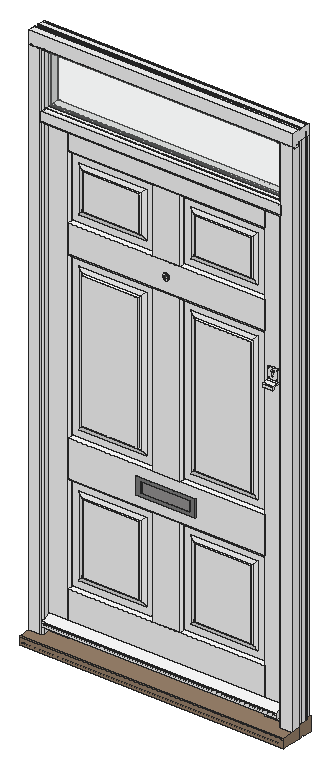
Revit family "ED33-F", category Doors, host Wall, Revit 2012
Parameters
  White = White
  Rough Width = 1128.242 mm
  LeverRequired = no
  Lever/HandleHeight = 1000.0 mm
  Lever/HandleFromLeafSide = 29.0 mm
  LetterBox1 = LetterBox 1
  LetterBox = LetterBox
  Glass = Glass
  Function = Interior
  Height = 2545.0 mm
  Wall Closure = By host
  Width = 1230.0 mm
Reference planes
  plane 1 "Center (Front/Back)": y = 0
  plane 2 "Center (Left/Right)": x = 0
  plane 3 "Left": x = -615
  plane 4 "Right": x = 615
  plane 5 "Top": z = 2545
  plane 6 "Exterior": y = 47
  plane 7 "Interior": y = -47
  plane 8: z = 249.6
  plane 9: z = 717.6
  plane 10: z = 483.6
  plane 11: z = 879.6
  plane 12: z = 1655.6
  plane 13: z = 1267.6
  plane 14: z = 1777.6
  plane 15: z = 2493
  plane 16: x = 459
  plane 17: x = -459
  plane 18: x = -275
  plane 19: x = 275
  plane 20: y = -14
  plane 21: z = 2172
  plane 22: z = 2087
  plane 23: z = 1932.3
  plane 24: x = -91
  plane 25: x = 91
  plane 26: x = -560
  plane 27: x = 560
  plane 28: z = 1500
  plane 29: x = -57.5
  plane 30: x = 57.5
Forms (mm)
  Sweep 1, solid, material "White" <- "White"
    path origin (0, 0, 0) x (1, 0, 0) y (0, 0, 1)
      loop
        line (-615, 0) -> (-615, 2545) -> (615, 2545) -> (615, 0)
    profile origin (-615, 0, 1272.5) x (-1, 0, 0) y (0, -1, 0)
      loop
        line (0, 10) -> (0, 47) -> (-55, 47) -> (-55, 44)
        arc (-55, 44) -> (-62.071, 41.071) -> (-65, 34) r 10
        line (-65, 34) -> (-68, 34) -> (-68, 18) -> (-48, 18) -> (-48, 14) -> (-56, 14) -> (-56, 4) -> (-48, 4) -> (-48, 1) -> (-54, 1) -> (-54, -7) -> (-48, -7) -> (-48, -32)
        arc (-48, -32) -> (-47.414, -33.414) -> (-46, -34) r 2
        line (-46, -34) -> (-45, -34) -> (-45, -41) -> (-46, -41)
        arc (-46, -41) -> (-47.414, -41.586) -> (-48, -43) r 2
        line (-48, -43) -> (-48, -47) -> (0, -47) -> (0, -42) -> (-2, -42)
        arc (-2, -42) -> (-5, -39) -> (-2, -36) r 3
        line (-2, -36) -> (0, -36) -> (0, -10) -> (-5, -10) -> (-5, 10) -> (0, 10)
  Sweep 2, solid, material "White" <- "White"
    path origin (20, 0, 0) x (1, 0, 0) y (0, 0, 1)
      loop
        line (-635, 0) -> (-635, 2185)
    profile origin (-615, 0, 1092.5) x (-1, 0, 0) y (0, -1, 0)
      loop
        line (-156, 14) -> (-167, 3) -> (-167, 1) -> (-151, 1) -> (-151, -46) -> (-55, -46)
        arc (-55, -46) -> (-52.879, -45.121) -> (-52, -43) r 3
        line (-52, -43) -> (-52, -11)
        arc (-52, -11) -> (-52.586, -9.586) -> (-54, -9) r 2
        line (-54, -9) -> (-60, -9) -> (-60, 11)
        arc (-60, 11) -> (-60.879, 13.121) -> (-63, 14) r 3
        line (-63, 14) -> (-156, 14)
  Sweep 3, solid, material "White" <- "White"
    path origin (-20, 0, 0) x (-1, 0, 0) y (0, 0, -1)
      loop
        line (-635, 0) -> (-635, -2185)
    profile origin (615, 0, 1092.5) x (-1, 0, 0) y (0, -1, 0)
      loop
        line (156, 14) -> (63, 14)
        arc (63, 14) -> (60.879, 13.121) -> (60, 11) r 3
        line (60, 11) -> (60, -9) -> (54, -9)
        arc (54, -9) -> (52.586, -9.586) -> (52, -11) r 2
        line (52, -11) -> (52, -43)
        arc (52, -43) -> (52.879, -45.121) -> (55, -46) r 3
        line (55, -46) -> (151, -46) -> (151, 1) -> (167, 1) -> (167, 3) -> (156, 14)
  Sweep 4, solid, material "Wood"
    path origin (0, 0, 0) x (1, 0, 0) y (0, 0, 1)
      loop
        line (615, 0) -> (-615, 0)
    profile origin (0, 0, 0) x (0, 0, -1) y (0, -1, 0)
      loop
        line (-65, -59) -> (0, -59) -> (0, -22) -> (-5, -22) -> (-5, -2) -> (0, -2) -> (0, 6) -> (-33, 6) -> (-33, 1) -> (-48.176, 1) -> (-48.176, 6) -> (-57, 6)
        arc (-57, 6) -> (-57.707, 5.707) -> (-58, 5) r 1
        line (-58, 5) -> (-58, -43) -> (-68, -43) -> (-68, -56)
        arc (-68, -56) -> (-67.121, -58.121) -> (-65, -59) r 3
  Sweep 5, solid, material "Wood"
    path origin (0, -3.037, 0) x (1, 0, 0) y (0, 0, 1)
      loop
        line (615, 0) -> (-615, 0)
    profile origin (0, -3.037, 0) x (0, 0, -1) y (0, -1, 0)
      loop
        line (-2, 87.963) -> (0, 87.963) -> (0, 92.963) -> (-35.11, 92.963)
        arc (-35.11, 92.963) -> (-36.436, 92.461) -> (-37.095, 91.207) r 2
        line (-37.095, 91.207) -> (-48.176, 0.963) -> (-48.176, -4.037) -> (-33, -4.037) -> (-33, 2.963) -> (0, 2.963) -> (0, 81.963) -> (-2, 81.963)
        arc (-2, 81.963) -> (-5, 84.963) -> (-2, 87.963) r 3
  Sweep 6, solid, material "White" <- "White"
    path origin (0, 3, 0) x (1, 0, 0) y (0, 0, 1)
      loop
        line (-459, 483.6) -> (459, 483.6)
    profile origin (0, 3, 483.6) x (0, 0, 1) y (0, -1, 0)
      loop
        line (-411.1, -43) -> (-234, -43) -> (-234, 4) -> (-217.9, 4) -> (-217.9, 6) -> (-228.9, 17) -> (-358.9, 17) -> (-358.9, 12) -> (-371.9, 12) -> (-371.9, 17) -> (-403.9, 17) -> (-403.9, -31) -> (-412.6, -31) -> (-412.6, -41.5)
        arc (-412.6, -41.5) -> (-412.161, -42.561) -> (-411.1, -43) r 1.5
  Sweep 7, solid, material "White" <- "White"
    path origin (0, 3, -5) x (1, 0, 0) y (0, 0, 1)
      loop
        line (-547, 488.6) -> (547, 488.6)
    profile origin (0, 3, 483.6) x (0, 0, 1) y (0, -1, 0)
      loop
        line (-403.9, 17) -> (-371.9, 17) -> (-371.9, 12) -> (-358.9, 12) -> (-358.9, 17) -> (-383.987, 55.631)
        arc (-383.987, 55.631) -> (-385.072, 56.634) -> (-386.503, 56.997) r 3
        line (-386.503, 56.997) -> (-403.9, 56.997) -> (-403.9, 51.997) -> (-401.9, 51.997)
        arc (-401.9, 51.997) -> (-398.9, 48.997) -> (-401.9, 45.997) r 3
        line (-401.9, 45.997) -> (-403.9, 45.997) -> (-403.9, 17)
  Sweep 8, solid, material "White" <- "White"
    path origin (0, 0, -1597) x (-1, 0, 0) y (0, 0, -1)
      loop
        line (464, -2314.6) -> (464, -1846.6) -> (57.5, -1846.6) -> (57.5, -2314.6) -> (464, -2314.6)
    profile origin (-260.75, 0, 717.6) x (0, 0, 1) y (0, -1, 0)
      loop
        line (-5, -44) -> (0, -44) -> (0, -25) -> (-12, -25) -> (-12, -28) -> (-16, -29) -> (-16, -33) -> (-13, -33)
        arc (-13, -33) -> (-10.657, -38.657) -> (-5, -41) r 8
        line (-5, -41) -> (-5, -44)
  Sweep 9, solid, material "White" <- "White"
    path origin (0, 0, -1597) x (-1, 0, 0) y (0, 0, -1)
      loop
        line (57.5, -2314.6) -> (464, -2314.6) -> (464, -1846.6) -> (57.5, -1846.6) -> (57.5, -2314.6)
    profile origin (-260.75, 0, 717.6) x (0, 0, -1) y (0, -1, 0)
      loop
        line (1, -21) -> (1, -25) -> (46.25, -25) -> (66.284, -31.279) -> (72.25, -37.245) -> (72.25, -21) -> (1, -21)
      loop
        line (1, -5) -> (72.25, -5) -> (72.25, 11.245) -> (66.284, 5.279) -> (46.25, -1) -> (1, -1) -> (1, -5)
  Sweep 10, void
    path origin (0, 0, 0) x (1, 0, 0) y (0, 1, 0)
      loop
        line (-615, 0) -> (615, 0)
    profile origin (0, 0, 0) x (0, 1, 0) y (0, 0, 1)
      loop
        line (56, 68) -> (43, 68) -> (43, 58) -> (-5, 58)
        arc (-5, 58) -> (-5.707, 57.707) -> (-6, 57) r 1
        line (-6, 57) -> (-6, 47.93) -> (-94.244, 37.095)
        arc (-94.244, 37.095) -> (-95.498, 36.436) -> (-96, 35.11) r 2
        line (-96, 35.11) -> (-121, 35.11) -> (-121, -20) -> (79, -20) -> (79, 65) -> (59, 65)
        arc (59, 65) -> (58.121, 67.121) -> (56, 68) r 3
  Sweep 11, solid, material "White" <- "White"
    path origin (0, 0, 0) x (1, 0, 0) y (0, 0, 1)
      loop
        line (0, 712.6) -> (0, 254.7)
    profile origin (0, 0, 483.65) x (0, -1, 0) y (1, 0, 0)
      loop
        line (14, 62.5) -> (3, 73.5) -> (1, 73.5) -> (1, 57.5) -> (-46, 57.5) -> (-46, 5.678) -> (-46, -57.5) -> (1, -57.5) -> (1, -73.5) -> (3, -73.5) -> (14, -62.5) -> (14, -2.678) -> (14, 62.5)
  Extrusion 12, solid, material "White" <- "White"
    sketch origin (0, 0, 0) x (1, 0, 0) y (0, 0, 1)
      loop
        line (-129.75, 645.35) -> (-391.75, 645.35) -> (-391.75, 321.85) -> (-129.75, 321.85) -> (-129.75, 645.35)
    from -37.245 to 11.245
  Sweep 13, solid, material "White" <- "White"
    path origin (0, 3, 1440) x (1, 0, 0) y (0, 0, 1)
      loop
        line (-459, 732) -> (459, 732)
    profile origin (0, 3, 2172) x (0, 0, 1) y (0, -1, 0)
      loop
        line (-90, 17) -> (-101, 6) -> (-101, 4) -> (-85, 4) -> (-85, -43) -> (13, -43)
        arc (13, -43) -> (15.121, -42.121) -> (16, -40) r 3
        line (16, -40) -> (16, -29) -> (13.5, -29) -> (13.5, -9) -> (16, -9) -> (16, -8)
        arc (16, -8) -> (15.414, -6.586) -> (14, -6) r 2
        line (14, -6) -> (8, -6) -> (8, 14)
        arc (8, 14) -> (7.121, 16.121) -> (5, 17) r 3
        line (5, 17) -> (-90, 17)
  Sweep 14, solid, material "White" <- "White"
    path origin (0, -29.222, 4812.706) x (1, 0, 0) y (0, 0, 1)
      loop
        line (-560, -2640.706) -> (560, -2640.706)
    profile origin (0, -29.222, 2172) x (0, 0, 1) y (0, -1, 0)
      loop
        arc (46, -76.2) -> (47.414, -75.614) -> (48, -74.2) r 2
        line (48, -74.2) -> (48, -68.6) -> (45, -68.6) -> (45, -61.2) -> (48, -61.2) -> (48, -16.2) -> (52, -16.2) -> (52, -11.2) -> (57, -11.2) -> (57, -2.2) -> (60, -2.2) -> (60, -11.2) -> (68, -11.2) -> (68, 4.8) -> (65, 4.8)
        arc (65, 4.8) -> (62.071, 11.871) -> (55, 14.8) r 10
        line (55, 14.8) -> (55, 17.8) -> (13, 17.8) -> (13, 14.8)
        arc (13, 14.8) -> (5.929, 11.871) -> (3, 4.8) r 10
        line (3, 4.8) -> (0, 4.8) -> (0, -11.2) -> (8, -11.2) -> (8, -2.2) -> (11, -2.2) -> (11, -11.2) -> (16, -11.2) -> (16, -19.2) -> (20, -19.2) -> (20, -23.2) -> (14, -23.2) -> (14, -32.2) -> (12, -32.2) -> (12, -36.2) -> (20, -36.2) -> (20, -61.2) -> (23, -61.2) -> (23, -68.6) -> (20, -68.6) -> (20, -74.2)
        arc (20, -74.2) -> (20.586, -75.614) -> (22, -76.2) r 2
        line (22, -76.2) -> (46, -76.2)
  Sweep 15, solid, material "White" <- "White"
    path origin (420, 0, -1597) x (-1, 0, 0) y (0, 0, -1)
      loop
        line (362.5, -2314.6) -> (362.5, -1846.6) -> (-44, -1846.6) -> (-44, -2314.6) -> (362.5, -2314.6)
    profile origin (260.75, 0, 717.6) x (0, 0, 1) y (0, -1, 0)
      loop
        line (-5, -44) -> (0, -44) -> (0, -25) -> (-12, -25) -> (-12, -28) -> (-16, -29) -> (-16, -33) -> (-13, -33)
        arc (-13, -33) -> (-10.657, -38.657) -> (-5, -41) r 8
        line (-5, -41) -> (-5, -44)
  Sweep 16, solid, material "White" <- "White"
    path origin (420, 0, -1597) x (-1, 0, 0) y (0, 0, -1)
      loop
        line (-44, -2314.6) -> (362.5, -2314.6) -> (362.5, -1846.6) -> (-44, -1846.6) -> (-44, -2314.6)
    profile origin (260.75, 0, 717.6) x (0, 0, -1) y (0, -1, 0)
      loop
        line (1, -21) -> (1, -25) -> (46.25, -25) -> (66.284, -31.279) -> (72.25, -37.245) -> (72.25, -21) -> (1, -21)
      loop
        line (1, -5) -> (72.25, -5) -> (72.25, 11.245) -> (66.284, 5.279) -> (46.25, -1) -> (1, -1) -> (1, -5)
  Extrusion 17, solid, material "White" <- "White"
    sketch origin (420, 0, 0) x (1, 0, 0) y (0, 0, 1)
      loop
        line (-28.25, 645.35) -> (-290.25, 645.35) -> (-290.25, 321.85) -> (-28.25, 321.85) -> (-28.25, 645.35)
    from -37.245 to 11.245
  Sweep 18, solid, material "White" <- "White"
    path origin (420, 0, -659) x (-1, 0, 0) y (0, 0, -1)
      loop
        line (362.5, -2314.6) -> (362.5, -1538.6) -> (-44, -1538.6) -> (-44, -2314.6) -> (362.5, -2314.6)
    profile origin (260.75, 0, 1655.6) x (0, 0, 1) y (0, -1, 0)
      loop
        line (-5, -44) -> (0, -44) -> (0, -25) -> (-12, -25) -> (-12, -28) -> (-16, -29) -> (-16, -33) -> (-13, -33)
        arc (-13, -33) -> (-10.657, -38.657) -> (-5, -41) r 8
        line (-5, -41) -> (-5, -44)
  Sweep 19, solid, material "White" <- "White"
    path origin (420, 0, -659) x (-1, 0, 0) y (0, 0, -1)
      loop
        line (-44, -2314.6) -> (362.5, -2314.6) -> (362.5, -1538.6) -> (-44, -1538.6) -> (-44, -2314.6)
    profile origin (260.75, 0, 1655.6) x (0, 0, -1) y (0, -1, 0)
      loop
        line (1, -21) -> (1, -25) -> (46.25, -25) -> (66.284, -31.279) -> (72.25, -37.245) -> (72.25, -21) -> (1, -21)
      loop
        line (1, -5) -> (72.25, -5) -> (72.25, 11.245) -> (66.284, 5.279) -> (46.25, -1) -> (1, -1) -> (1, -5)
  Extrusion 20, solid, material "White" <- "White"
    sketch origin (420, 0, 938) x (1, 0, 0) y (0, 0, 1)
      loop
        line (-28.25, 645.35) -> (-290.25, 645.35) -> (-290.25, 13.85) -> (-28.25, 13.85) -> (-28.25, 645.35)
    from -37.245 to 11.245
  Sweep 21, solid, material "White" <- "White"
    path origin (-250, 0, -659) x (-1, 0, 0) y (0, 0, -1)
      loop
        line (214, -2314.6) -> (214, -1538.6) -> (-192.5, -1538.6) -> (-192.5, -2314.6) -> (214, -2314.6)
    profile origin (-260.75, 0, 1655.6) x (0, 0, 1) y (0, -1, 0)
      loop
        line (-5, -44) -> (0, -44) -> (0, -25) -> (-12, -25) -> (-12, -28) -> (-16, -29) -> (-16, -33) -> (-13, -33)
        arc (-13, -33) -> (-10.657, -38.657) -> (-5, -41) r 8
        line (-5, -41) -> (-5, -44)
  Sweep 22, solid, material "White" <- "White"
    path origin (-250, 0, -659) x (-1, 0, 0) y (0, 0, -1)
      loop
        line (-192.5, -2314.6) -> (214, -2314.6) -> (214, -1538.6) -> (-192.5, -1538.6) -> (-192.5, -2314.6)
    profile origin (-260.75, 0, 1655.6) x (0, 0, -1) y (0, -1, 0)
      loop
        line (1, -21) -> (1, -25) -> (46.25, -25) -> (66.284, -31.279) -> (72.25, -37.245) -> (72.25, -21) -> (1, -21)
      loop
        line (1, -5) -> (72.25, -5) -> (72.25, 11.245) -> (66.284, 5.279) -> (46.25, -1) -> (1, -1) -> (1, -5)
  Extrusion 23, solid, material "White" <- "White"
    sketch origin (-250, 0, 938) x (1, 0, 0) y (0, 0, 1)
      loop
        line (120.25, 645.35) -> (-141.75, 645.35) -> (-141.75, 13.85) -> (120.25, 13.85) -> (120.25, 645.35)
    from -37.245 to 14
  Sweep 24, solid, material "White" <- "White"
    path origin (420, 0, -227.6) x (-1, 0, 0) y (0, 0, -1)
      loop
        line (362.5, -2314.6) -> (362.5, -2005.2) -> (-44, -2005.2) -> (-44, -2314.6) -> (362.5, -2314.6)
    profile origin (260.75, 0, 2087) x (0, 0, 1) y (0, -1, 0)
      loop
        line (-5, -44) -> (0, -44) -> (0, -25) -> (-12, -25) -> (-12, -28) -> (-16, -29) -> (-16, -33) -> (-13, -33)
        arc (-13, -33) -> (-10.657, -38.657) -> (-5, -41) r 8
        line (-5, -41) -> (-5, -44)
  Sweep 25, solid, material "White" <- "White"
    path origin (420, 0, -227.6) x (-1, 0, 0) y (0, 0, -1)
      loop
        line (-44, -2314.6) -> (362.5, -2314.6) -> (362.5, -2005.2) -> (-44, -2005.2) -> (-44, -2314.6)
    profile origin (260.75, 0, 2087) x (0, 0, -1) y (0, -1, 0)
      loop
        line (1, -21) -> (1, -25) -> (46.25, -25) -> (66.284, -31.279) -> (72.25, -37.245) -> (72.25, -21) -> (1, -21)
      loop
        line (1, -5) -> (72.25, -5) -> (72.25, 11.245) -> (66.284, 5.279) -> (46.25, -1) -> (1, -1) -> (1, -5)
  Extrusion 26, solid, material "White" <- "White"
    sketch origin (420, 0, 1369.4) x (1, 0, 0) y (0, 0, 1)
      loop
        line (-28.25, 645.35) -> (-290.25, 645.35) -> (-290.25, 480.45) -> (-28.25, 480.45) -> (-28.25, 645.35)
    from -37.245 to 11.245
  Sweep 27, solid, material "White" <- "White"
    path origin (-245, 0, -227.6) x (-1, 0, 0) y (0, 0, -1)
      loop
        line (219, -2314.6) -> (219, -2005.2) -> (-187.5, -2005.2) -> (-187.5, -2314.6) -> (219, -2314.6)
    profile origin (-260.75, 0, 2087) x (0, 0, 1) y (0, -1, 0)
      loop
        line (-5, -44) -> (0, -44) -> (0, -25) -> (-12, -25) -> (-12, -28) -> (-16, -29) -> (-16, -33) -> (-13, -33)
        arc (-13, -33) -> (-10.657, -38.657) -> (-5, -41) r 8
        line (-5, -41) -> (-5, -44)
  Sweep 28, solid, material "White" <- "White"
    path origin (-245, 0, -227.6) x (-1, 0, 0) y (0, 0, -1)
      loop
        line (-187.5, -2314.6) -> (219, -2314.6) -> (219, -2005.2) -> (-187.5, -2005.2) -> (-187.5, -2314.6)
    profile origin (-260.75, 0, 2087) x (0, 0, -1) y (0, -1, 0)
      loop
        line (1, -21) -> (1, -25) -> (46.25, -25) -> (66.284, -31.279) -> (72.25, -37.245) -> (72.25, -21) -> (1, -21)
      loop
        line (1, -5) -> (72.25, -5) -> (72.25, 11.245) -> (66.284, 5.279) -> (46.25, -1) -> (1, -1) -> (1, -5)
  Extrusion 29, solid, material "White" <- "White"
    sketch origin (-245, 0, 1369.4) x (1, 0, 0) y (0, 0, 1)
      loop
        line (115.25, 645.35) -> (-146.75, 645.35) -> (-146.75, 480.45) -> (115.25, 480.45) -> (115.25, 645.35)
    from -37.245 to 11.245
  Sweep 30, solid, material "White" <- "White"
    path origin (0, -29.222, 0) x (1, 0, 0) y (0, 0, 1)
      loop
        line (-615, 2545) -> (615, 2545)
    profile origin (0, -29.222, 2545) x (0, 0, 1) y (0, -1, 0)
      loop
        line (0, -17.2) -> (0, 17.8) -> (-55, 17.8) -> (-55, 14.8)
        arc (-55, 14.8) -> (-62.071, 11.871) -> (-65, 4.8) r 10
        line (-65, 4.8) -> (-68, 4.8) -> (-68, -11.2) -> (-60, -11.2) -> (-60, -2.2) -> (-57, -2.2) -> (-57, -11.2) -> (-52, -11.2) -> (-52, -16.2) -> (-48, -16.2) -> (-48, -61.2) -> (-45, -61.2) -> (-45, -68.6) -> (-48, -68.6) -> (-48, -74.2)
        arc (-48, -74.2) -> (-47.414, -75.614) -> (-46, -76.2) r 2
        line (-46, -76.2) -> (0, -76.2) -> (0, -37.2) -> (-5, -37.2) -> (-5, -17.2) -> (0, -17.2)
  Sweep 31, solid, material "White" <- "White"
    path origin (0, 0, 0) x (1, 0, 0) y (0, 0, 1)
      loop
        line (-547, 2477) -> (-547, 2240) -> (547, 2240) -> (547, 2477) -> (-547, 2477)
    profile origin (0, 0, 2477) x (0, 0, 1) y (0, -1, 0)
      loop
        line (20, -4) -> (5.47, -4)
        arc (5.47, -4) -> (2.474, -5.35) -> (1.5, -8.487) r 4
        line (1.5, -8.487) -> (6.01, -45.222)
        arc (6.01, -45.222) -> (6.67, -46.476) -> (7.995, -46.978) r 2
        line (7.995, -46.978) -> (18, -46.978)
        arc (18, -46.978) -> (19.414, -46.392) -> (20, -44.978) r 2
        line (20, -44.978) -> (20, -4)
      loop
        line (16, 0) -> (16, 8) -> (8, 8) -> (8, 0) -> (16, 0)
      loop
        line (5.299, 16) -> (16, 16) -> (16, 18.022) -> (5.299, 18.022) -> (5.299, 16)
  Sweep 32, solid, material "White" <- "White"
    path origin (0, 0, 0) x (1, 0, 0) y (0, 0, 1)
      loop
        line (-547, 2477) -> (-547, 2240) -> (547, 2240) -> (547, 2477) -> (-547, 2477)
    profile origin (0, 0, 2477) x (0, 0, 1) y (0, -1, 0)
      loop
        line (16, 13.022) -> (16, -2) -> (5.299, -2) -> (5.299, -4) -> (20, -4) -> (20, 13.022) -> (16, 13.022)
  Extrusion 33, solid, material "Glass" <- "Glass"
    sketch origin (0, 0, 0) x (0, 1, 0) y (0, 0, 1)
      loop
        line (2, 2493) -> (0, 2493) -> (0, 2224) -> (2, 2224) -> (2, 2493)
      loop
        line (-14, 2493) -> (-16, 2493) -> (-16, 2224) -> (-14, 2224) -> (-14, 2493)
    from -560 to 560
  Sweep 34, solid, material "White" <- "White"
    path origin (640, 3, 1420) x (1, 0, 0) y (0, 0, 1)
      loop
        line (-1099, 357.6) -> (-181, 357.6)
    profile origin (0, 3, 1777.6) x (0, 0, 1) y (0, -1, 0)
      loop
        line (-122, -43) -> (0, -43) -> (0, 4) -> (16, 4) -> (16, 6) -> (5, 17) -> (-127, 17) -> (-138, 6) -> (-138, 4) -> (-122, 4) -> (-122, -43)
  Sweep 35, solid, material "White" <- "White"
    path origin (580, 3, 640) x (1, 0, 0) y (0, 0, 1)
      loop
        line (-1039, 239.6) -> (-121, 239.6)
    profile origin (0, 3, 879.6) x (0, 0, 1) y (0, -1, 0)
      loop
        line (-162, -43) -> (0, -43) -> (0, 4) -> (16, 4) -> (16, 6) -> (5, 17) -> (-167, 17) -> (-178, 6) -> (-178, 4) -> (-162, 4) -> (-162, -43)
  Sweep 36, solid, material "White" <- "White"
    path origin (0, 0, 740) x (1, 0, 0) y (0, 0, 1)
      loop
        line (0, 910.6) -> (0, 144.6)
    profile origin (0, 0, 1267.6) x (0, -1, 0) y (1, 0, 0)
      loop
        line (14, 62.5) -> (3, 73.5) -> (1, 73.5) -> (1, 57.5) -> (-46, 57.5) -> (-46, 5.678) -> (-46, -57.5) -> (1, -57.5) -> (1, -73.5) -> (3, -73.5) -> (14, -62.5) -> (14, -2.678) -> (14, 62.5)
  Sweep 37, solid, material "White" <- "White"
    path origin (0, 0, 1680) x (1, 0, 0) y (0, 0, 1)
      loop
        line (0, 402) -> (0, 102.6)
    profile origin (0, 0, 1932.3) x (0, -1, 0) y (1, 0, 0)
      loop
        line (14, 62.5) -> (3, 73.5) -> (1, 73.5) -> (1, 57.5) -> (-46, 57.5) -> (-46, 5.678) -> (-46, -57.5) -> (1, -57.5) -> (1, -73.5) -> (3, -73.5) -> (14, -62.5) -> (14, -2.678) -> (14, 62.5)
Cuts and joins
  Sweep 10 cuts Sweep 1
  Sweep 10 cuts Sweep 2
  Sweep 10 cuts Sweep 3
Lines and regions (mm)
  Opening 1
    outline origin (-2286, -47, 0) x (1, 0, 0) y (0, 0, 1)
      loop
        line (1671, 0) -> (2901, 0) -> (2901, 2545) -> (1671, 2545) -> (1671, 0)
  model lines, style "Elevation Swing"
    curve 1: line (-563, 47, 0) -> (-563, 1168.069, 0)
    curve 2: arc (-563, 1168.069, 0) -> (234.788, 837.614, 0) -> (565.242, 39.827, 0) r 1128.242
Text (mm)
  text "Exterior" at (-1904.17, 693.701, 0), in view "Ref. Level"
  text "Interior" at (-1904.17, -638.649, 0), in view "Ref. Level"
  text "Exterior" at (0, 1019.848, 3124.603), in view "Right"
  text "Interior" at (0, -1635.541, 3124.603), in view "Right"
  text "Interior" at (0, -787.806, 3124.376), in view "Left"
  text "Exterior" at (0, 1386.095, 3124.376), in view "Left"
Dimensions and locks
  equal spacing: plane 3 "Left", plane 2 "Center (Left/Right)", plane 4 "Right"
  "Height": level to plane 5 "Top"
  "Width": plane 3 "Left" to plane 4 "Right"
  host wall to plane 5 "Top" = 2545.0 mm
  locked: level to plane 8 at 249.6
  equal spacing: plane 8, plane 10, plane 9
  locked: plane 9 to plane 11 at 162
  equal spacing: plane 11, plane 13, plane 12
  locked: plane 12 to plane 14 at 122
  locked: plane 15 to plane 5 "Top" at 52
  locked: plane 16 to plane 4 "Right" at 156
  locked: plane 3 "Left" to plane 17 at 156
  locked: Sweep 2 sketch curve to plane 17 at 5
  locked: Sweep 1 to Sweep 2 sketch curve at 4
  locked: plane 16 to Sweep 3 sketch curve at 5
  locked: Sweep 3 sketch curve to plane 4 "Right" at 52
  locked: Sweep 8 sketch curve to Sweep 8 sketch curve at 5
  locked: Sweep 8 sketch curve to Sweep 8 sketch curve at 19
  locked: Sweep 8 sketch curve to Sweep 8 sketch curve at 3  (x2)
  locked: Sweep 8 sketch curve to Sweep 8 sketch curve at 4
  locked: Sweep 9 sketch curve to Sweep 9 sketch curve at 20.995  (x2)
  equal spacing: plane 9, nested 1, plane 11, locked at 81 each
  locked: plane 9 to Sweep 9 sketch curve at 1
  locked: plane 21 to plane 5 "Top" at 373
  locked: Sweep 14 sketch curve to Sweep 14 sketch curve at 68
  locked: Sweep 15 sketch curve to Sweep 15 sketch curve at 5
  locked: Sweep 15 sketch curve to Sweep 15 sketch curve at 19
  locked: Sweep 15 sketch curve to Sweep 15 sketch curve at 3  (x2)
  locked: Sweep 15 sketch curve to Sweep 15 sketch curve at 4
  locked: Sweep 16 sketch curve to Sweep 16 sketch curve at 20.995  (x2)
  locked: Sweep 13 sketch curve to plane 22 at 16
  locked: plane 22 to plane 21 at 85
  equal spacing: plane 14, plane 23, plane 22
  locked: Sweep 18 sketch curve to Sweep 18 sketch curve at 5
  locked: Sweep 18 sketch curve to Sweep 18 sketch curve at 19
  locked: Sweep 18 sketch curve to Sweep 18 sketch curve at 3  (x2)
  locked: Sweep 18 sketch curve to Sweep 18 sketch curve at 4
  locked: Sweep 19 sketch curve to Sweep 19 sketch curve at 20.995  (x2)
  locked: Sweep 21 sketch curve to Sweep 21 sketch curve at 5
  locked: Sweep 21 sketch curve to Sweep 21 sketch curve at 19
  locked: Sweep 21 sketch curve to Sweep 21 sketch curve at 3  (x2)
  locked: Sweep 21 sketch curve to Sweep 21 sketch curve at 4
  locked: Sweep 22 sketch curve to Sweep 22 sketch curve at 20.995  (x2)
  locked: Sweep 24 sketch curve to Sweep 24 sketch curve at 5
  locked: Sweep 24 sketch curve to Sweep 24 sketch curve at 19
  locked: Sweep 24 sketch curve to Sweep 24 sketch curve at 3  (x2)
  locked: Sweep 24 sketch curve to Sweep 24 sketch curve at 4
  locked: Sweep 25 sketch curve to Sweep 25 sketch curve at 20.995  (x2)
  locked: Sweep 27 sketch curve to Sweep 27 sketch curve at 5
  locked: Sweep 27 sketch curve to Sweep 27 sketch curve at 19
  locked: Sweep 27 sketch curve to Sweep 27 sketch curve at 3  (x2)
  locked: Sweep 27 sketch curve to Sweep 27 sketch curve at 4
  locked: Sweep 28 sketch curve to Sweep 28 sketch curve at 20.995  (x2)
  equal spacing: plane 24, plane 2 "Center (Left/Right)", plane 25
  equal spacing: plane 25, plane 19, plane 16
  equal spacing: plane 17, plane 18, plane 24
  locked: plane 3 "Left" to plane 26 at 55
  locked: plane 27 to plane 4 "Right" at 55
  locked: plane 28 to level at 1500
  Sweep 36 sketch curve to Sweep 36 sketch curve = 115.0 mm
  Sweep 36 sketch curve to Sweep 36 sketch curve = 147.0 mm
  Sweep 37 sketch curve to Sweep 37 sketch curve = 115.0 mm
  Sweep 37 sketch curve to Sweep 37 sketch curve = 147.0 mm
  locked: plane 30 to plane 25 at 33.5
  locked: plane 24 to plane 29 at 33.5
  locked: plane 29 to plane 30 at 115
  radius of Sweep 8 sketch curve = 8.0 mm
  radius of Sweep 15 sketch curve = 8.0 mm
  radius of Sweep 18 sketch curve = 8.0 mm
  radius of Sweep 21 sketch curve = 8.0 mm
  radius of Sweep 24 sketch curve = 8.0 mm
  radius of Sweep 27 sketch curve = 8.0 mm
  "Rough Width": radius of curve 2
  aligned and locked: plane 3 "Left" to Opening 1 sketch curve
  aligned and locked: plane 5 "Top" to Opening 1 sketch curve  (x2)
  aligned and locked: Opening 1 sketch curve to plane 4 "Right"
  aligned and locked: Opening 1 sketch curve to level
  aligned and locked: plane 6 "Exterior" to host wall
  aligned and locked: plane 7 "Interior" to host wall
  aligned and locked: Sweep 1 sketch curve to plane 3 "Left"
  aligned and locked: level to Sweep 1 sketch curve  (x2)
  aligned and locked: Sweep 2 sketch curve to plane 3 "Left"
  aligned and locked: plane 4 "Right" to Sweep 4 sketch curve
  aligned and locked: plane 3 "Left" to Sweep 4 sketch curve
  aligned and locked: Sweep 6 sketch curve to plane 10
  aligned and locked: Sweep 6 sketch curve to plane 8
  aligned and locked: Sweep 7 sketch curve to plane 10
  aligned and locked: plane 20 to nested 1
  aligned and locked: plane 2 "Center (Left/Right)" to nested 1
  aligned and locked: host wall to Sweep 10 sketch curve
  aligned and locked: plane 3 "Left" to Sweep 10 sketch curve
  aligned and locked: plane 4 "Right" to Sweep 10 sketch curve
  aligned and locked: Sweep 11 sketch curve to plane 2 "Center (Left/Right)"
  aligned and locked: Sweep 9 sketch curve to plane 9
  aligned and locked: plane 8 to Sweep 9 sketch curve
  aligned and locked: Sweep 9 sketch curve to Sweep 9 sketch curve  (x2)
  aligned and locked: plane 9 to Sweep 8 sketch curve
  aligned and locked: Sweep 8 sketch curve to Sweep 11
  aligned and locked: Sweep 8 sketch curve to plane 8
  aligned and locked: Extrusion 12 sketch curve to Sweep 9  (x4)
  aligned and locked: Extrusion 12 to Sweep 9  (x2)
  aligned and locked: plane 17 to Sweep 6 sketch curve
  aligned and locked: plane 16 to Sweep 6 sketch curve
  aligned and locked: Sweep 6 to Sweep 11 sketch curve
  aligned and locked: plane 21 to Sweep 14 sketch curve
  aligned and locked: plane 21 to Sweep 13 sketch curve
  aligned and locked: plane 17 to Sweep 13 sketch curve
  aligned and locked: plane 16 to Sweep 13 sketch curve
  aligned and locked: cut or joined group of Sweep 1, Sweep 10 to Sweep 14 sketch curve
  aligned and locked: Sweep 2 sketch curve to Sweep 14
  aligned and locked: Sweep 14 to Sweep 3 sketch curve
  aligned and locked: Sweep 16 sketch curve to Sweep 16 sketch curve  (x2)
  aligned and locked: Extrusion 17 sketch curve to Sweep 16  (x4)
  aligned and locked: Extrusion 17 to Sweep 16  (x2)
  aligned and locked: plane 9 to Sweep 15 sketch curve
  aligned and locked: Sweep 15 sketch curve to plane 8
  aligned and locked: Sweep 15 sketch curve to Sweep 11
  aligned and locked: Sweep 15 sketch curve to cut or joined group of Sweep 3, Sweep 10
  aligned and locked: plane 8 to Sweep 16 sketch curve
  aligned and locked: Sweep 16 sketch curve to plane 9
  aligned and locked: cut or joined group of Sweep 3, Sweep 10 to Sweep 16 sketch curve
  aligned and locked: Sweep 16 sketch curve to Sweep 11
  aligned and locked: plane 22 to Sweep 13 sketch curve
  aligned and locked: Sweep 19 sketch curve to Sweep 19 sketch curve  (x2)
  aligned and locked: Extrusion 20 sketch curve to Sweep 19  (x4)
  aligned and locked: Extrusion 20 to Sweep 19  (x2)
  aligned and locked: Sweep 19 sketch curve to plane 12
  aligned and locked: cut or joined group of Sweep 3, Sweep 10 to Sweep 19 sketch curve
  aligned and locked: plane 11 to Sweep 19 sketch curve
  aligned and locked: plane 12 to Sweep 18 sketch curve
  aligned and locked: Sweep 18 sketch curve to cut or joined group of Sweep 3, Sweep 10
  aligned and locked: Sweep 18 sketch curve to plane 11
  aligned and locked: Sweep 22 sketch curve to Sweep 22 sketch curve  (x2)
  aligned and locked: Extrusion 23 sketch curve to Sweep 22  (x4)
  aligned and locked: Extrusion 23 to Sweep 22
  aligned and locked: Sweep 22 sketch curve to plane 12
  aligned and locked: plane 11 to Sweep 22 sketch curve
  aligned and locked: cut or joined group of Sweep 2, Sweep 10 to Sweep 22 sketch curve
  aligned and locked: plane 12 to Sweep 21 sketch curve
  aligned and locked: Sweep 21 sketch curve to plane 11
  aligned and locked: Sweep 25 sketch curve to Sweep 25 sketch curve  (x2)
  aligned and locked: Extrusion 26 sketch curve to Sweep 25  (x4)
  aligned and locked: Extrusion 26 to Sweep 25  (x2)
  aligned and locked: Sweep 24 sketch curve to plane 22
  aligned and locked: Sweep 24 sketch curve to cut or joined group of Sweep 3, Sweep 10
  aligned and locked: Sweep 24 sketch curve to plane 14
  aligned and locked: plane 22 to Sweep 25 sketch curve
  aligned and locked: plane 14 to Sweep 25 sketch curve
  aligned and locked: cut or joined group of Sweep 3, Sweep 10 to Sweep 25 sketch curve
  aligned and locked: Sweep 28 sketch curve to Sweep 28 sketch curve  (x2)
  aligned and locked: Extrusion 29 sketch curve to Sweep 28  (x4)
  aligned and locked: Extrusion 29 to Sweep 28  (x2)
  aligned and locked: plane 22 to Sweep 28 sketch curve
  aligned and locked: plane 14 to Sweep 28 sketch curve
  aligned and locked: cut or joined group of Sweep 2, Sweep 10 to Sweep 28 sketch curve
  aligned and locked: Sweep 27 sketch curve to plane 22
  aligned and locked: Sweep 27 sketch curve to plane 14
  aligned and locked: Sweep 27 sketch curve to cut or joined group of Sweep 2, Sweep 10
  aligned and locked: plane 5 "Top" to Sweep 1 sketch curve
  aligned and locked: plane 4 "Right" to Sweep 1 sketch curve
  aligned and locked: Sweep 30 sketch curve to plane 5 "Top"
  aligned and locked: plane 4 "Right" to Sweep 30 sketch curve
  aligned and locked: plane 3 "Left" to Sweep 30 sketch curve
  aligned and locked: Sweep 31 sketch curve to cut or joined group of Sweep 1, Sweep 10  (x2)
  aligned and locked: cut or joined group of Sweep 1, Sweep 10 to Sweep 31 sketch curve
  aligned and locked: Sweep 14 to Sweep 31 sketch curve
  aligned and locked: Sweep 31 sketch curve to Sweep 30  (x4)
  aligned and locked: Sweep 32 sketch curve to cut or joined group of Sweep 1, Sweep 10  (x2)
  aligned and locked: cut or joined group of Sweep 1, Sweep 10 to Sweep 32 sketch curve
  aligned and locked: Sweep 14 to Sweep 32 sketch curve
  aligned and locked: Sweep 30 to Sweep 32 sketch curve
  aligned and locked: Sweep 32 sketch curve to Sweep 30
  aligned and locked: Sweep 32 sketch curve to Sweep 31
  aligned and locked: Sweep 31 to Sweep 32 sketch curve
  aligned and locked: Extrusion 33 sketch curve to plane 15  (x2)
  aligned and locked: Sweep 32 to Extrusion 33 sketch curve  (x2)
  aligned and locked: Extrusion 33 sketch curve to Sweep 31  (x2)
  aligned and locked: Extrusion 33 sketch curve to plane 20
  aligned and locked: Extrusion 33 sketch curve to Sweep 32
  aligned and locked: Extrusion 33 to plane 27
  aligned and locked: plane 26 to Extrusion 33
  aligned and locked: plane 16 to Sweep 34 sketch curve
  aligned and locked: plane 16 to Sweep 35 sketch curve
  aligned and locked: Extrusion 23 to Sweep 11
  aligned and locked: plane 17 to Sweep 35 sketch curve
  aligned and locked: plane 17 to Sweep 34 sketch curve
  aligned and locked: Sweep 21 to Sweep 36 sketch curve
  aligned and locked: Sweep 36 sketch curve to plane 2 "Center (Left/Right)"
  aligned and locked: Sweep 35 to Sweep 36 sketch curve
  aligned and locked: Sweep 34 to Sweep 37 sketch curve
  aligned and locked: Sweep 13 to Sweep 37 sketch curve
  aligned and locked: Sweep 25 sketch curve to plane 30
  aligned and locked: plane 30 to Sweep 24 sketch curve
  aligned and locked: Sweep 27 sketch curve to plane 29
  aligned and locked: plane 29 to Sweep 28 sketch curve
  aligned and locked: Sweep 19 sketch curve to plane 30
  aligned and locked: plane 30 to Sweep 18 sketch curve
  aligned and locked: Sweep 37 sketch curve to plane 29
  aligned and locked: Sweep 37 sketch curve to plane 30
  aligned and locked: Sweep 36 sketch curve to plane 29
  aligned and locked: Sweep 36 sketch curve to plane 30
  aligned and locked: Sweep 11 sketch curve to plane 29
  aligned and locked: Sweep 11 sketch curve to plane 30
  aligned and locked: Sweep 35 to Sweep 11
  aligned and locked: Sweep 37 to plane 20
  aligned and locked: Sweep 8 sketch curve to cut or joined group of Sweep 2, Sweep 10
  aligned and locked: Sweep 21 sketch curve to cut or joined group of Sweep 2, Sweep 10
  aligned and locked: cut or joined group of Sweep 2, Sweep 10 to Sweep 9 sketch curve
  aligned and locked: plane 29 to Sweep 9 sketch curve
  aligned and locked: plane 29 to Sweep 22 sketch curve
  aligned and locked: Sweep 13 to plane 20
  aligned and locked: nested 4 to nested 3
  aligned and locked: Sweep 35 to nested 5
  aligned and locked: cut or joined group of Sweep 2, Sweep 10 to curve 1
Automatic sketch dimensions
  Sweep 4 sketch curve to level = 0.0 mm
  Sweep 4 sketch curve to profile plane = 0.0 mm  (x2)
  Sweep 4 sketch curve to profile plane = 2.0 mm
  Sweep 4 sketch curve to Sweep 4 sketch curve = 5.0 mm  (x2)
  profile plane to Sweep 4 sketch curve = 1.0 mm
  Sweep 4 sketch curve to Sweep 4 sketch curve = 28.0 mm
  profile plane to Sweep 4 sketch curve = 6.0 mm
  Sweep 4 sketch curve to Sweep 4 sketch curve = 15.176 mm
  Sweep 4 sketch curve to Sweep 4 sketch curve = 8.824 mm
  Sweep 4 sketch curve to Sweep 4 sketch curve = 9.824 mm
  Sweep 4 sketch curve to Sweep 4 sketch curve = 7.0 mm
  Sweep 4 sketch curve to Sweep 4 sketch curve = 3.0 mm
  Sweep 4 sketch curve to Sweep 4 sketch curve = 20.0 mm
  Sweep 4 sketch curve to profile plane = 43.0 mm
  Sweep 4 sketch curve to Sweep 4 sketch curve = 13.0 mm
  level to Sweep 10 sketch curve = 35.11 mm
  profile plane to Sweep 10 sketch curve = 121.0 mm
  Sweep 10 sketch curve to Sweep 10 sketch curve = 25.0 mm
  level to Sweep 10 sketch curve = 37.095 mm
  Sweep 10 sketch curve to Sweep 10 sketch curve = 1.756 mm
  profile plane to Sweep 10 sketch curve = 6.0 mm
  Sweep 10 sketch curve to Sweep 10 sketch curve = 1.0 mm
  Sweep 10 sketch curve to profile plane = 43.0 mm
  Sweep 10 sketch curve to Sweep 10 sketch curve = 13.0 mm
  Sweep 10 sketch curve to Sweep 10 sketch curve = 3.0 mm
  Sweep 10 sketch curve to Sweep 10 sketch curve = 20.0 mm
  Sweep 10 sketch curve to level = 20.0 mm
  level to Sweep 10 sketch curve = 47.93 mm
  Sweep 10 sketch curve to Sweep 10 sketch curve = 9.07 mm
  Sweep 10 sketch curve to Sweep 10 sketch curve = 7.0 mm
  Sweep 11 sketch curve to plane 9 = 5.0 mm
  Sweep 34 sketch curve to plane 14 = 0.0 mm
  profile plane to Sweep 34 sketch curve = 0.0 mm
  Sweep 34 sketch curve to profile plane = 43.0 mm
  profile plane to Sweep 34 sketch curve = 122.0 mm
  Sweep 34 sketch curve to Sweep 34 sketch curve = 5.0 mm
  profile plane to Sweep 34 sketch curve = 4.0 mm  (x2)
  Sweep 34 sketch curve to Sweep 34 sketch curve = 16.0 mm
  Sweep 34 sketch curve to profile plane = 5.0 mm
  profile plane to Sweep 34 sketch curve = 6.0 mm
  Sweep 34 sketch curve to Sweep 34 sketch curve = 11.0 mm
  Sweep 34 sketch curve to Sweep 34 sketch curve = 2.0 mm
  Sweep 34 sketch curve to Sweep 34 sketch curve = 13.0 mm
  Sweep 35 sketch curve to plane 11 = 0.0 mm
  profile plane to Sweep 6 sketch curve = 17.0 mm  (x2)
  Sweep 6 sketch curve to Sweep 6 sketch curve = 124.9 mm
  Sweep 6 sketch curve to Sweep 6 sketch curve = 13.0 mm
  Sweep 6 sketch curve to Sweep 6 sketch curve = 32.0 mm
  Sweep 6 sketch curve to Sweep 6 sketch curve = 7.2 mm
  Sweep 6 sketch curve to Sweep 6 sketch curve = 5.1 mm
  profile plane to Sweep 6 sketch curve = 4.0 mm
  Sweep 6 sketch curve to Sweep 6 sketch curve = 16.1 mm
  Sweep 6 sketch curve to profile plane = 31.0 mm
  Sweep 6 sketch curve to Sweep 6 sketch curve = 10.5 mm
  Sweep 6 sketch curve to Sweep 6 sketch curve = 2.0 mm
  Sweep 6 sketch curve to Sweep 6 sketch curve = 5.0 mm
  Sweep 6 sketch curve to Sweep 6 sketch curve = 8.7 mm
  Sweep 1 sketch curve to profile plane = 0.0 mm  (x3)
  profile plane to Sweep 1 sketch curve = 2.0 mm
  profile plane to Sweep 1 sketch curve = 5.0 mm
  Sweep 1 sketch curve to Sweep 1 sketch curve = 43.0 mm
  Sweep 1 sketch curve to Sweep 1 sketch curve = 1.0 mm  (x2)
  profile plane to Sweep 1 sketch curve = 1.0 mm
  Sweep 1 sketch curve to Sweep 1 sketch curve = 2.0 mm  (x2)
  Sweep 1 sketch curve to Sweep 1 sketch curve = 0.0 mm  (x2)
  Sweep 1 sketch curve to Sweep 1 sketch curve = 6.0 mm
  Sweep 1 sketch curve to Sweep 1 sketch curve = 7.0 mm  (x2)
  Sweep 1 sketch curve to Sweep 1 sketch curve = 8.0 mm
  Sweep 1 sketch curve to Sweep 1 sketch curve = 10.0 mm  (x2)
  Sweep 1 sketch curve to Sweep 1 sketch curve = 12.0 mm
  Sweep 1 sketch curve to profile plane = 7.0 mm
  Sweep 1 sketch curve to profile plane = 10.0 mm
  Sweep 1 sketch curve to Sweep 1 sketch curve = 25.0 mm
  Sweep 1 sketch curve to Sweep 1 sketch curve = 26.0 mm
  Sweep 1 sketch curve to Sweep 1 sketch curve = 3.0 mm  (x2)
  Sweep 1 sketch curve to Sweep 1 sketch curve = 4.0 mm  (x2)
  profile plane to Sweep 1 sketch curve = 10.0 mm
  Sweep 1 sketch curve to Sweep 1 sketch curve = 16.0 mm
  Sweep 1 sketch curve to Sweep 1 sketch curve = 37.0 mm
  Sweep 2 sketch curve to level = 0.0 mm
  profile plane to Sweep 2 sketch curve = 14.0 mm
  Sweep 2 sketch curve to Sweep 2 sketch curve = 5.0 mm
  profile plane to Sweep 2 sketch curve = 1.0 mm
  Sweep 2 sketch curve to Sweep 2 sketch curve = 16.0 mm
  profile plane to Sweep 2 sketch curve = 11.0 mm
  Sweep 2 sketch curve to Sweep 2 sketch curve = 11.0 mm
  Sweep 2 sketch curve to Sweep 2 sketch curve = 3.0 mm
  Sweep 2 sketch curve to Sweep 2 sketch curve = 2.0 mm  (x2)
  Sweep 2 sketch curve to profile plane = 9.0 mm
  Sweep 2 sketch curve to Sweep 2 sketch curve = 32.0 mm
  plane 4 "Right" to Sweep 3 sketch curve = 0.0 mm
  Sweep 3 sketch curve to level = 0.0 mm
  Sweep 3 sketch curve to plane 21 = 13.0 mm
  Sweep 3 sketch curve to Sweep 3 sketch curve = 2.0 mm
  Sweep 3 sketch curve to Sweep 3 sketch curve = 3.0 mm  (x2)
  Sweep 3 sketch curve to Sweep 3 sketch curve = 6.0 mm
  profile plane to Sweep 3 sketch curve = 14.0 mm
  Sweep 3 sketch curve to Sweep 3 sketch curve = 5.0 mm
  profile plane to Sweep 3 sketch curve = 3.0 mm
  Sweep 3 sketch curve to Sweep 3 sketch curve = 11.0 mm
  profile plane to Sweep 3 sketch curve = 1.0 mm
  Sweep 3 sketch curve to profile plane = 9.0 mm
  Sweep 3 sketch curve to Sweep 3 sketch curve = 32.0 mm
  Sweep 5 sketch curve to level = 0.0 mm
  plane 3 "Left" to Sweep 5 sketch curve = 0.0 mm
  plane 4 "Right" to Sweep 5 sketch curve = 0.0 mm
  Sweep 5 sketch curve to profile plane = 0.0 mm  (x2)
  Sweep 5 sketch curve to Sweep 5 sketch curve = 2.0 mm
  profile plane to Sweep 5 sketch curve = 2.963 mm
  Sweep 5 sketch curve to Sweep 5 sketch curve = 33.0 mm
  Sweep 5 sketch curve to Sweep 5 sketch curve = 33.11 mm
  Sweep 5 sketch curve to Sweep 5 sketch curve = 1.985 mm
  Sweep 5 sketch curve to profile plane = 4.037 mm
  Sweep 5 sketch curve to Sweep 5 sketch curve = 15.176 mm
  profile plane to Sweep 5 sketch curve = 0.963 mm
  Sweep 5 sketch curve to Sweep 5 sketch curve = 79.0 mm
  Sweep 5 sketch curve to Sweep 5 sketch curve = 3.0 mm  (x2)
  Sweep 5 sketch curve to Sweep 5 sketch curve = 0.244 mm
  Sweep 7 sketch curve to plane 26 = 13.0 mm
  plane 27 to Sweep 7 sketch curve = 13.0 mm
  profile plane to Sweep 7 sketch curve = 17.0 mm
  profile plane to Sweep 7 sketch curve = 403.9 mm
  Sweep 7 sketch curve to Sweep 7 sketch curve = 0.0 mm
  Sweep 7 sketch curve to Sweep 7 sketch curve = 2.0 mm
  Sweep 7 sketch curve to Sweep 7 sketch curve = 15.397 mm
  profile plane to Sweep 7 sketch curve = 55.631 mm
  Sweep 7 sketch curve to Sweep 7 sketch curve = 2.516 mm
  profile plane to Sweep 7 sketch curve = 12.0 mm
  Sweep 7 sketch curve to Sweep 7 sketch curve = 32.0 mm
  Sweep 7 sketch curve to Sweep 7 sketch curve = 13.0 mm
  Sweep 7 sketch curve to Sweep 7 sketch curve = 5.0 mm
  Sweep 7 sketch curve to Sweep 7 sketch curve = 9.634 mm
  Sweep 7 sketch curve to Sweep 7 sketch curve = 3.0 mm
  Sweep 7 sketch curve to Sweep 7 sketch curve = 1.634 mm
  profile plane to Sweep 8 sketch curve = 0.0 mm
  Sweep 8 sketch curve to Sweep 8 sketch curve = 3.0 mm
  Sweep 8 sketch curve to profile plane = 44.0 mm
  Sweep 8 sketch curve to Sweep 8 sketch curve = 4.0 mm
  Sweep 9 sketch curve to Sweep 9 sketch curve = 45.25 mm
  Sweep 9 sketch curve to profile plane = 1.0 mm
  Sweep 9 sketch curve to Sweep 9 sketch curve = 0.0 mm
  Sweep 9 sketch curve to profile plane = 31.279 mm
  Sweep 9 sketch curve to Sweep 9 sketch curve = 20.034 mm
  profile plane to Sweep 9 sketch curve = 5.279 mm
  Sweep 9 sketch curve to Sweep 9 sketch curve = 5.966 mm  (x3)
  Sweep 9 sketch curve to Sweep 9 sketch curve = 10.279 mm
  Sweep 9 sketch curve to profile plane = 5.0 mm
  curve 1 to host wall = 0.0 mm
  curve 2 to host wall = 7.173 mm
  Sweep 11 sketch curve to profile plane = 46.0 mm
  profile plane to Sweep 11 sketch curve = 1.0 mm  (x2)
  Sweep 11 sketch curve to Sweep 11 sketch curve = 2.0 mm  (x2)
  Sweep 11 sketch curve to Sweep 11 sketch curve = 13.0 mm
  Sweep 11 sketch curve to Sweep 11 sketch curve = 5.0 mm  (x2)
  Sweep 11 sketch curve to Sweep 11 sketch curve = 16.0 mm
  profile plane to Sweep 11 sketch curve = 2.678 mm
  Sweep 11 sketch curve to profile plane = 5.678 mm
  Sweep 11 sketch curve to Sweep 11 sketch curve = 11.0 mm
  profile plane to Sweep 13 sketch curve = 17.0 mm
  Sweep 13 sketch curve to Sweep 13 sketch curve = 5.0 mm
  Sweep 13 sketch curve to profile plane = 5.0 mm
  Sweep 13 sketch curve to Sweep 13 sketch curve = 3.0 mm
  Sweep 13 sketch curve to profile plane = 13.0 mm
  Sweep 13 sketch curve to Sweep 13 sketch curve = 0.5 mm  (x2)
  Sweep 13 sketch curve to Sweep 13 sketch curve = 2.0 mm
  Sweep 13 sketch curve to Sweep 13 sketch curve = 2.5 mm
  profile plane to Sweep 13 sketch curve = 6.0 mm
  profile plane to Sweep 13 sketch curve = 4.0 mm
  Sweep 13 sketch curve to profile plane = 6.0 mm
  Sweep 13 sketch curve to Sweep 13 sketch curve = 1.0 mm
  Sweep 13 sketch curve to Sweep 13 sketch curve = 20.0 mm
  Sweep 13 sketch curve to Sweep 13 sketch curve = 11.0 mm
  plane 27 to Sweep 14 sketch curve = 0.0 mm
  profile plane to Sweep 14 sketch curve = 0.0 mm
  Sweep 14 sketch curve to Sweep 14 sketch curve = 3.0 mm  (x6)
  Sweep 14 sketch curve to profile plane = 8.0 mm
  Sweep 14 sketch curve to profile plane = 12.0 mm
  Sweep 14 sketch curve to profile plane = 13.0 mm
  Sweep 14 sketch curve to Sweep 14 sketch curve = 2.0 mm  (x3)
  Sweep 14 sketch curve to Sweep 14 sketch curve = 5.0 mm  (x3)
  Sweep 14 sketch curve to profile plane = 20.0 mm
  Sweep 14 sketch curve to Sweep 14 sketch curve = 6.0 mm
  Sweep 14 sketch curve to Sweep 14 sketch curve = 4.0 mm  (x4)
  Sweep 14 sketch curve to Sweep 14 sketch curve = 22.0 mm
  Sweep 14 sketch curve to Sweep 14 sketch curve = 1.0 mm
  Sweep 14 sketch curve to Sweep 14 sketch curve = 20.0 mm
  profile plane to Sweep 14 sketch curve = 4.8 mm  (x2)
  Sweep 14 sketch curve to Sweep 14 sketch curve = 13.0 mm
  Sweep 14 sketch curve to profile plane = 2.2 mm  (x2)
  Sweep 14 sketch curve to Sweep 14 sketch curve = 9.0 mm  (x3)
  Sweep 14 sketch curve to Sweep 14 sketch curve = 0.0 mm  (x3)
  Sweep 14 sketch curve to Sweep 14 sketch curve = 8.0 mm
  Sweep 14 sketch curve to Sweep 14 sketch curve = 25.0 mm
  Sweep 14 sketch curve to Sweep 14 sketch curve = 7.4 mm  (x2)
  Sweep 14 sketch curve to Sweep 14 sketch curve = 5.6 mm
  profile plane to Sweep 15 sketch curve = 0.0 mm
  Sweep 15 sketch curve to Sweep 15 sketch curve = 3.0 mm
  Sweep 15 sketch curve to profile plane = 44.0 mm
  Sweep 15 sketch curve to Sweep 15 sketch curve = 4.0 mm
  Sweep 16 sketch curve to profile plane = 1.0 mm  (x2)
  Sweep 16 sketch curve to Sweep 16 sketch curve = 45.25 mm
  Sweep 16 sketch curve to Sweep 16 sketch curve = 0.0 mm
  Sweep 16 sketch curve to profile plane = 31.279 mm
  Sweep 16 sketch curve to Sweep 16 sketch curve = 20.034 mm
  profile plane to Sweep 16 sketch curve = 5.279 mm
  Sweep 16 sketch curve to Sweep 16 sketch curve = 5.966 mm  (x3)
  Sweep 16 sketch curve to Sweep 16 sketch curve = 10.279 mm
  Sweep 16 sketch curve to profile plane = 5.0 mm
  profile plane to Sweep 18 sketch curve = 0.0 mm
  Sweep 18 sketch curve to Sweep 18 sketch curve = 3.0 mm
  Sweep 18 sketch curve to profile plane = 44.0 mm
  Sweep 18 sketch curve to Sweep 18 sketch curve = 4.0 mm
  Sweep 19 sketch curve to profile plane = 1.0 mm  (x2)
  Sweep 19 sketch curve to Sweep 19 sketch curve = 45.25 mm
  Sweep 19 sketch curve to Sweep 19 sketch curve = 0.0 mm
  Sweep 19 sketch curve to profile plane = 31.279 mm
  Sweep 19 sketch curve to Sweep 19 sketch curve = 20.034 mm
  profile plane to Sweep 19 sketch curve = 5.279 mm
  Sweep 19 sketch curve to Sweep 19 sketch curve = 5.966 mm  (x3)
  Sweep 19 sketch curve to Sweep 19 sketch curve = 10.279 mm
  Sweep 19 sketch curve to profile plane = 5.0 mm
  plane 29 to Sweep 21 sketch curve = 0.0 mm
  profile plane to Sweep 21 sketch curve = 0.0 mm
  Sweep 21 sketch curve to Sweep 21 sketch curve = 3.0 mm
  Sweep 21 sketch curve to profile plane = 44.0 mm
  Sweep 21 sketch curve to Sweep 21 sketch curve = 4.0 mm
  Sweep 22 sketch curve to profile plane = 1.0 mm  (x2)
  Sweep 22 sketch curve to Sweep 22 sketch curve = 45.25 mm
  Sweep 22 sketch curve to Sweep 22 sketch curve = 0.0 mm
  Sweep 22 sketch curve to profile plane = 31.279 mm
  Sweep 22 sketch curve to Sweep 22 sketch curve = 20.034 mm
  profile plane to Sweep 22 sketch curve = 5.279 mm
  Sweep 22 sketch curve to Sweep 22 sketch curve = 5.966 mm  (x3)
  Sweep 22 sketch curve to Sweep 22 sketch curve = 10.279 mm
  Sweep 22 sketch curve to profile plane = 5.0 mm
  profile plane to Sweep 24 sketch curve = 0.0 mm
  Sweep 24 sketch curve to Sweep 24 sketch curve = 3.0 mm
  Sweep 24 sketch curve to profile plane = 44.0 mm
  Sweep 24 sketch curve to Sweep 24 sketch curve = 4.0 mm
  Sweep 25 sketch curve to profile plane = 1.0 mm  (x2)
  Sweep 25 sketch curve to Sweep 25 sketch curve = 45.25 mm
  Sweep 25 sketch curve to Sweep 25 sketch curve = 0.0 mm
  Sweep 25 sketch curve to profile plane = 31.279 mm
  Sweep 25 sketch curve to Sweep 25 sketch curve = 20.034 mm
  profile plane to Sweep 25 sketch curve = 5.279 mm
  Sweep 25 sketch curve to Sweep 25 sketch curve = 5.966 mm  (x3)
  Sweep 25 sketch curve to Sweep 25 sketch curve = 10.279 mm
  Sweep 25 sketch curve to profile plane = 5.0 mm
  profile plane to Sweep 27 sketch curve = 0.0 mm
  Sweep 27 sketch curve to Sweep 27 sketch curve = 3.0 mm
  Sweep 27 sketch curve to profile plane = 44.0 mm
  Sweep 27 sketch curve to Sweep 27 sketch curve = 4.0 mm
  Sweep 28 sketch curve to profile plane = 1.0 mm  (x2)
  Sweep 28 sketch curve to Sweep 28 sketch curve = 45.25 mm
  Sweep 28 sketch curve to Sweep 28 sketch curve = 0.0 mm
  Sweep 28 sketch curve to profile plane = 31.279 mm
  Sweep 28 sketch curve to Sweep 28 sketch curve = 20.034 mm
  profile plane to Sweep 28 sketch curve = 5.279 mm
  Sweep 28 sketch curve to Sweep 28 sketch curve = 5.966 mm  (x3)
  Sweep 28 sketch curve to Sweep 28 sketch curve = 10.279 mm
  Sweep 28 sketch curve to profile plane = 5.0 mm
  profile plane to Sweep 30 sketch curve = 0.0 mm  (x2)
  profile plane to Sweep 30 sketch curve = 5.0 mm
  profile plane to Sweep 30 sketch curve = 45.0 mm
  Sweep 30 sketch curve to Sweep 30 sketch curve = 1.0 mm
  Sweep 30 sketch curve to Sweep 30 sketch curve = 3.0 mm  (x5)
  Sweep 30 sketch curve to Sweep 30 sketch curve = 4.0 mm
  Sweep 30 sketch curve to Sweep 30 sketch curve = 5.0 mm  (x3)
  profile plane to Sweep 30 sketch curve = 4.8 mm
  Sweep 30 sketch curve to Sweep 30 sketch curve = 8.0 mm
  Sweep 30 sketch curve to profile plane = 2.2 mm
  Sweep 30 sketch curve to Sweep 30 sketch curve = 9.0 mm
  Sweep 30 sketch curve to Sweep 30 sketch curve = 0.0 mm
  Sweep 30 sketch curve to profile plane = 17.2 mm
  Sweep 30 sketch curve to Sweep 30 sketch curve = 20.0 mm
  Sweep 30 sketch curve to Sweep 30 sketch curve = 45.0 mm
  Sweep 30 sketch curve to Sweep 30 sketch curve = 7.4 mm
  Sweep 30 sketch curve to Sweep 30 sketch curve = 5.6 mm
  Sweep 31 sketch curve to profile plane = 0.0 mm
  Sweep 31 sketch curve to Sweep 31 sketch curve = 4.0 mm
  Sweep 31 sketch curve to Sweep 31 sketch curve = 8.0 mm  (x2)
  Sweep 31 sketch curve to profile plane = 7.995 mm
  Sweep 31 sketch curve to Sweep 31 sketch curve = 1.985 mm
  Sweep 31 sketch curve to profile plane = 5.47 mm
  Sweep 31 sketch curve to profile plane = 5.299 mm
  Sweep 31 sketch curve to profile plane = 1.5 mm
  Sweep 31 sketch curve to Sweep 31 sketch curve = 2.0 mm
  Sweep 31 sketch curve to Sweep 31 sketch curve = 1.756 mm
  Sweep 31 sketch curve to profile plane = 8.487 mm
  Sweep 31 sketch curve to Sweep 31 sketch curve = 0.487 mm
  Sweep 31 sketch curve to Sweep 31 sketch curve = 2.022 mm
  Sweep 32 sketch curve to Sweep 32 sketch curve = 4.0 mm
  Sweep 32 sketch curve to profile plane = 2.0 mm
  profile plane to Sweep 35 sketch curve = 0.0 mm
  Sweep 35 sketch curve to profile plane = 43.0 mm
  Sweep 35 sketch curve to Sweep 35 sketch curve = 162.0 mm
  Sweep 35 sketch curve to Sweep 35 sketch curve = 5.0 mm
  profile plane to Sweep 35 sketch curve = 4.0 mm  (x2)
  Sweep 35 sketch curve to Sweep 35 sketch curve = 16.0 mm
  Sweep 35 sketch curve to profile plane = 5.0 mm
  profile plane to Sweep 35 sketch curve = 6.0 mm
  Sweep 35 sketch curve to Sweep 35 sketch curve = 11.0 mm
  Sweep 35 sketch curve to Sweep 35 sketch curve = 2.0 mm
  Sweep 35 sketch curve to Sweep 35 sketch curve = 13.0 mm
  Sweep 36 sketch curve to profile plane = 46.0 mm
  profile plane to Sweep 36 sketch curve = 1.0 mm  (x2)
  Sweep 36 sketch curve to Sweep 36 sketch curve = 2.0 mm  (x2)
  Sweep 36 sketch curve to Sweep 36 sketch curve = 13.0 mm
  Sweep 36 sketch curve to Sweep 36 sketch curve = 5.0 mm  (x2)
  Sweep 36 sketch curve to Sweep 36 sketch curve = 16.0 mm
  profile plane to Sweep 36 sketch curve = 2.678 mm
  Sweep 36 sketch curve to profile plane = 5.678 mm
  Sweep 36 sketch curve to Sweep 36 sketch curve = 11.0 mm
  Sweep 37 sketch curve to plane 2 "Center (Left/Right)" = 0.0 mm
  Sweep 37 sketch curve to profile plane = 46.0 mm
  profile plane to Sweep 37 sketch curve = 1.0 mm  (x2)
  Sweep 37 sketch curve to Sweep 37 sketch curve = 2.0 mm  (x2)
  Sweep 37 sketch curve to Sweep 37 sketch curve = 13.0 mm
  Sweep 37 sketch curve to Sweep 37 sketch curve = 5.0 mm  (x2)
  Sweep 37 sketch curve to Sweep 37 sketch curve = 16.0 mm
  profile plane to Sweep 37 sketch curve = 2.678 mm
  Sweep 37 sketch curve to profile plane = 5.678 mm
  Sweep 37 sketch curve to Sweep 37 sketch curve = 11.0 mm
Nested families
  nested 1: "LetterBox" at (0, 9.189, -233.224), type "LetterBox"
  nested 2: "Door Viewer" at (-30, -90.778, 159.479), type "Door Viewer"
  nested 3: "Family1" at (502.5, 46, 1461.308) x (-1, 0, 0) z (0, 0, 1), type "Family1"
  nested 4: "Family1" at (502.5, -14, 1461.308) x (-1, 0, 0) z (0, 0, 1), type "Family1"
  nested 5: "LetterBox" at (0, 22.811, -233.224), type "LetterBox"
Definition of nested family "LetterBox"
  Parameters (values of type "LetterBox")
    LetterBoxRequired = yes
    LetterBox1 = Veneer
    LetterBox = none
  Reference planes
    plane 1 "Center (Front/Back)": y = 0
    plane 2: z = 0
    plane 3 "Center (Left/Right)": x = 0
    plane 4: z = 1031.824
  Forms (mm)
    Extrusion 1, solid, material "Veneer" <- "LetterBox1", visible <- "LetterBoxRequired"
      sketch origin (2194.66, -23.189, 2273.963) x (-1, 0, 0) y (0, 0, -1)
        loop
          line (2057.16, 1282.139) -> (2057.16, 1202.139) -> (2332.16, 1202.139) -> (2332.16, 1282.139) -> (2057.16, 1282.139)
        loop
          line (2082.16, 1263.239) -> (2082.16, 1221.039) -> (2307.16, 1221.039) -> (2307.16, 1263.239) -> (2082.16, 1263.239)
      from 0 to 2
    Extrusion 2, solid, material "Veneer" <- "LetterBox1"
      sketch origin (2194.66, 22.811, 2273.962) x (-1, 0, 0) y (0, 0, -1)
        loop
          line (2080.16, 1219.039) -> (2309.16, 1219.039) -> (2309.16, 1265.239) -> (2080.16, 1265.239) -> (2080.16, 1219.039)
      from -0.378 to 46
    Extrusion 3, void
      sketch origin (-2848.18, 11.811, 0) x (1, 0, 0) y (0, 0, 1)
        loop
          line (2960.68, 1052.924) -> (2735.68, 1052.924) -> (2735.68, 1010.724) -> (2960.68, 1010.724) -> (2960.68, 1052.924)
      from -8.878 to 36.078
    Extrusion 4, solid, material <- "LetterBox"
      sketch origin (0, 4.311, 0) x (1, 0, 0) y (0, 0, 1)
        loop
          line (114.5, 1054.923) -> (-114.5, 1054.923) -> (-114.5, 1008.723) -> (114.5, 1008.723) -> (114.5, 1054.923)
      from 27.5 to 30
  Cuts and joins
    Extrusion 3 cuts Extrusion 1
    Extrusion 3 cuts Extrusion 2
  Dimensions and locks
    equal spacing: cut or joined group of Extrusion 1, Extrusion 3, plane 3 "Center (Left/Right)", cut or joined group of Extrusion 1, Extrusion 3
    equal spacing: cut or joined group of Extrusion 1, Extrusion 3, plane 4, cut or joined group of Extrusion 1, Extrusion 3
    locked: cut or joined group of Extrusion 1, Extrusion 3 to Extrusion 4 at 2.5
    aligned and locked: plane 2 to level
    aligned and locked: Extrusion 4 sketch curve to cut or joined group of Extrusion 2, Extrusion 3  (x4)
    aligned and locked: cut or joined group of Extrusion 1, Extrusion 3 to Extrusion 4
  Automatic sketch dimensions
    plane 3 "Center (Left/Right)" to Extrusion 1 sketch curve = 137.5 mm
    Extrusion 1 sketch curve to Extrusion 1 sketch curve = 25.0 mm  (x2)
    Extrusion 1 sketch curve to plane 3 "Center (Left/Right)" = 112.5 mm
    level to Extrusion 1 sketch curve = 1071.824 mm
    Extrusion 1 sketch curve to Extrusion 1 sketch curve = 18.9 mm  (x2)
    Extrusion 1 sketch curve to Extrusion 1 sketch curve = 42.2 mm
    plane 3 "Center (Left/Right)" to Extrusion 2 sketch curve = 114.5 mm
